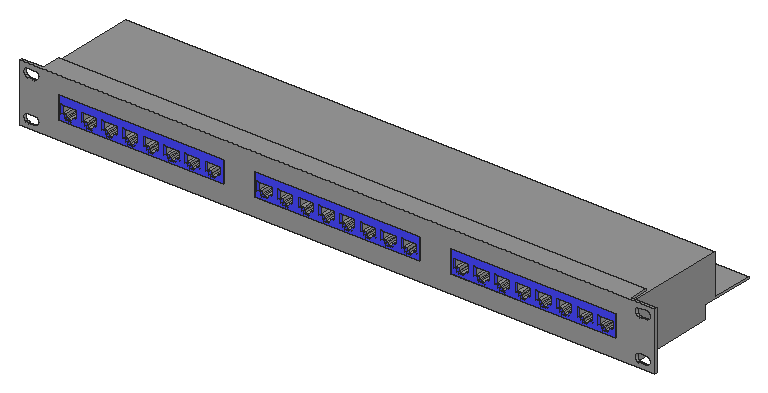
Revit family "ITK_Патч-панель 19-дюймовое крепление_1U_категория 5E FTP GENERICA_24 порта", category Обобщенные модели, Revit 2019
Family settings
  Может служить основой для арматурных стержней = Нет
  Размер круглого соединителя = Использовать диаметр
  Тип детали = Нормальный
  На основе рабочей плоскости = Нет
  Всегда вертикально = Да
  При загрузке вырезать с полостями = Нет
  Общий = Нет
  Точка расчета площади = Нет
Parameters (values of type "PP24-1UC5EF-K05-G")
  Ширина = 482.6 mm
  Материал = Окраска - RAL 9005
  Изготовитель = "ITK"  # constant formula
  Дата изменения = ""
  Глубина = 111 mm
  Высота = 44 mm
  URL = "https://www.iek.ru/"
  KSI_CPr_Строительные изделия = "27.12.31.61.1.04.09-1090"  # constant formula
  KSI_CMa_Строительные материалы = "10.03.02.06"  # constant formula
  IEK_Цена за единицу = 3752.62
  IEK_Поиск в таблице имен = ""
  IEK_Описание = "Патч-панели для монтажа в 19\" шкаф или стойку соответствуют стандарту 19\" (482,6 мм), имеют отверстия с левой и правой стороны для крепления на профиль, производятся высотой 1 или 2 юнита.\r\nНа передней стороне все патч-панели ITK имеют специальную площадку для дополнительной маркировки и цифровую нумерацию портов, на обратной стороне модули IDC имеют цветовую и цифровую нумерацию. Патч-панели соответствуют международным стандартам. Поставляются в картонной коробке с крепежом."
  IEK_URL = "https://generica.su/catalog/?page=detail&article=PP24-1UC5EF-K05-G"
  ADSK_Примечание = ""
  ADSK_Позиция [instance] = ""
  ADSK_Наименование = "Патч-панель 1U кат. 5Е FTP 24 порта (Krone) GENERICA"
  ADSK_Материал обозначение = ""
  ADSK_Материал наименование = "Металл и АБС-пластик"  # constant formula
  ADSK_Масса = 0
  ADSK_Марка = ""  # constant formula
  ADSK_Код изделия = "PP24-1UC5EF-K05-G"
  ADSK_Завод-изготовитель = "IEK"  # constant formula
  ADSK_Единица измерения = "шт"  # constant formula
  ADSK_Группирование = "I. ЩИТЫ И ПУЛЬТЫ"  # constant formula
  ADSK_Версия семейства = "1.0"  # constant formula
  ADSK_Версия Revit = "2019"  # constant formula
  ADSK_URL страницы изделия = "https://generica.su/catalog/?page=section&id=4935"
Reference planes
  plane 1 "По центру (Вперед/Назад)": y = 0
  plane 2: z = 0
  plane 3 "По центру (Влево/Вправо)": x = 0
  plane 4: x = -241
  plane 5: x = 241.6
  plane 6: y = 111
  plane 7: z = 44
Forms (mm)
  Extrusion 1, solid, material "Окраска - RAL 9005" <- "Материал", detail levels fine
    sketch origin (0, 0, 0) x (1, 0, 0) y (0, 1, 0)
      loop
        line (222.6, 1.5) -> (222.6, 27.5) -> (-224.3, 27.5) -> (-224.3, 1.5) -> (-241, 1.5) -> (-241, 0) -> (241.6, 0) -> (241.6, 1.5) -> (222.6, 1.5)
    from 44.351 to 0
  Extrusion 2, void
    sketch origin (0, 0, 0) x (1, 0, 0) y (0, 0, 1)
      loop
        line (-212, 30.25) -> (-212, 13.75) -> (-86.6, 13.75) -> (-86.6, 30.25) -> (-212, 30.25)
      loop
        arc (-229.85, 34.15) -> (-227.481, 35.131) -> (-226.5, 37.5) r 3.35
        arc (-226.5, 37.5) -> (-227.481, 39.869) -> (-229.85, 40.85) r 3.35
        line (-229.85, 40.85) -> (-234.65, 40.85)
        arc (-234.65, 40.85) -> (-238, 37.5) -> (-234.65, 34.15) r 3.35
        line (-234.65, 34.15) -> (-229.85, 34.15)
      loop
        arc (-234.65, 9.85) -> (-238, 6.5) -> (-234.65, 3.15) r 3.35
        line (-234.65, 3.15) -> (-229.85, 3.15)
        arc (-229.85, 3.15) -> (-227.481, 4.131) -> (-226.5, 6.5) r 3.35
        arc (-226.5, 6.5) -> (-227.481, 8.869) -> (-229.85, 9.85) r 3.35
        line (-229.85, 9.85) -> (-234.65, 9.85)
      loop
        arc (235.25, 34.15) -> (237.619, 35.131) -> (238.6, 37.5) r 3.35
        arc (238.6, 37.5) -> (237.619, 39.869) -> (235.25, 40.85) r 3.35
        line (235.25, 40.85) -> (230.45, 40.85)
        arc (230.45, 40.85) -> (227.1, 37.5) -> (230.45, 34.15) r 3.35
        line (230.45, 34.15) -> (235.25, 34.15)
      loop
        arc (230.45, 9.85) -> (227.1, 6.5) -> (230.45, 3.15) r 3.35
        line (230.45, 3.15) -> (235.25, 3.15)
        arc (235.25, 3.15) -> (237.619, 4.131) -> (238.6, 6.5) r 3.35
        arc (238.6, 6.5) -> (237.619, 8.869) -> (235.25, 9.85) r 3.35
        line (235.25, 9.85) -> (230.45, 9.85)
      loop
        line (-62.7, 30.25) -> (-62.7, 13.75) -> (62.7, 13.75) -> (62.7, 30.25) -> (-62.7, 30.25)
      loop
        line (86.6, 30.25) -> (86.6, 13.75) -> (212, 13.75) -> (212, 30.25) -> (86.6, 30.25)
    from -3.684 to 0
  Extrusion 3, void
    sketch origin (0, 0, 0) x (1, 0, 0) y (0, 0, 1)
      loop
        line (-198.4, 18.25) -> (-198.4, 25.05) -> (-210.1, 25.05) -> (-210.1, 18.25) -> (-207.5, 18.25) -> (-207.5, 16.55) -> (-206.25, 16.55) -> (-206.25, 15.25) -> (-202.25, 15.25) -> (-202.25, 16.55) -> (-201, 16.55) -> (-201, 18.25) -> (-198.4, 18.25)
      loop
        line (-182.7, 25.05) -> (-194.4, 25.05) -> (-194.4, 18.25) -> (-191.8, 18.25) -> (-191.8, 16.55) -> (-190.55, 16.55) -> (-190.55, 15.25) -> (-186.55, 15.25) -> (-186.55, 16.55) -> (-185.3, 16.55) -> (-185.3, 18.25) -> (-182.7, 18.25) -> (-182.7, 25.05)
      loop
        line (-167, 25.05) -> (-178.7, 25.05) -> (-178.7, 18.25) -> (-176.1, 18.25) -> (-176.1, 16.55) -> (-174.85, 16.55) -> (-174.85, 15.25) -> (-170.85, 15.25) -> (-170.85, 16.55) -> (-169.6, 16.55) -> (-169.6, 18.25) -> (-167, 18.25) -> (-167, 25.05)
      loop
        line (-151.3, 25.05) -> (-163, 25.05) -> (-163, 18.25) -> (-160.4, 18.25) -> (-160.4, 16.55) -> (-159.15, 16.55) -> (-159.15, 15.25) -> (-155.15, 15.25) -> (-155.15, 16.55) -> (-153.9, 16.55) -> (-153.9, 18.25) -> (-151.3, 18.25) -> (-151.3, 25.05)
      loop
        line (-135.6, 25.05) -> (-147.3, 25.05) -> (-147.3, 18.25) -> (-144.7, 18.25) -> (-144.7, 16.55) -> (-143.45, 16.55) -> (-143.45, 15.25) -> (-139.45, 15.25) -> (-139.45, 16.55) -> (-138.2, 16.55) -> (-138.2, 18.25) -> (-135.6, 18.25) -> (-135.6, 25.05)
      loop
        line (-131.6, 25.05) -> (-131.6, 18.25) -> (-129, 18.25) -> (-129, 16.55) -> (-127.75, 16.55) -> (-127.75, 15.25) -> (-123.75, 15.25) -> (-123.75, 16.55) -> (-122.5, 16.55) -> (-122.5, 18.25) -> (-119.9, 18.25) -> (-119.9, 25.05) -> (-131.6, 25.05)
      loop
        line (-49.1, 25.05) -> (-60.8, 25.05) -> (-60.8, 18.25) -> (-58.2, 18.25) -> (-58.2, 16.55) -> (-56.95, 16.55) -> (-56.95, 15.25) -> (-52.95, 15.25) -> (-52.95, 16.55) -> (-51.7, 16.55) -> (-51.7, 18.25) -> (-49.1, 18.25) -> (-49.1, 25.05)
      loop
        line (-45.1, 25.05) -> (-45.1, 18.25) -> (-42.5, 18.25) -> (-42.5, 16.55) -> (-41.25, 16.55) -> (-41.25, 15.25) -> (-37.25, 15.25) -> (-37.25, 16.55) -> (-36, 16.55) -> (-36, 18.25) -> (-33.4, 18.25) -> (-33.4, 25.05) -> (-45.1, 25.05)
      loop
        line (-29.4, 25.05) -> (-29.4, 18.25) -> (-26.8, 18.25) -> (-26.8, 16.55) -> (-25.55, 16.55) -> (-25.55, 15.25) -> (-21.55, 15.25) -> (-21.55, 16.55) -> (-20.3, 16.55) -> (-20.3, 18.25) -> (-17.7, 18.25) -> (-17.7, 25.05) -> (-29.4, 25.05)
      loop
        line (-13.7, 25.05) -> (-13.7, 18.25) -> (-11.1, 18.25) -> (-11.1, 16.55) -> (-9.85, 16.55) -> (-9.85, 15.25) -> (-5.85, 15.25) -> (-5.85, 16.55) -> (-4.6, 16.55) -> (-4.6, 18.25) -> (-2, 18.25) -> (-2, 25.05) -> (-13.7, 25.05)
      loop
        line (17.7, 25.05) -> (17.7, 18.25) -> (20.3, 18.25) -> (20.3, 16.55) -> (21.55, 16.55) -> (21.55, 15.25) -> (25.55, 15.25) -> (25.55, 16.55) -> (26.8, 16.55) -> (26.8, 18.25) -> (29.4, 18.25) -> (29.4, 25.05) -> (17.7, 25.05)
      loop
        line (2, 25.05) -> (2, 18.25) -> (4.6, 18.25) -> (4.6, 16.55) -> (5.85, 16.55) -> (5.85, 15.25) -> (9.85, 15.25) -> (9.85, 16.55) -> (11.1, 16.55) -> (11.1, 18.25) -> (13.7, 18.25) -> (13.7, 25.05) -> (2, 25.05)
      loop
        line (119.9, 25.05) -> (119.9, 18.25) -> (122.5, 18.25) -> (122.5, 16.55) -> (123.75, 16.55) -> (123.75, 15.25) -> (127.75, 15.25) -> (127.75, 16.55) -> (129, 16.55) -> (129, 18.25) -> (131.6, 18.25) -> (131.6, 25.05) -> (119.9, 25.05)
      loop
        line (135.6, 25.05) -> (135.6, 18.25) -> (138.2, 18.25) -> (138.2, 16.55) -> (139.45, 16.55) -> (139.45, 15.25) -> (143.45, 15.25) -> (143.45, 16.55) -> (144.7, 16.55) -> (144.7, 18.25) -> (147.3, 18.25) -> (147.3, 25.05) -> (135.6, 25.05)
      loop
        line (151.3, 25.05) -> (151.3, 18.25) -> (153.9, 18.25) -> (153.9, 16.55) -> (155.15, 16.55) -> (155.15, 15.25) -> (159.15, 15.25) -> (159.15, 16.55) -> (160.4, 16.55) -> (160.4, 18.25) -> (163, 18.25) -> (163, 25.05) -> (151.3, 25.05)
      loop
        line (167, 25.05) -> (167, 18.25) -> (169.6, 18.25) -> (169.6, 16.55) -> (170.85, 16.55) -> (170.85, 15.25) -> (174.85, 15.25) -> (174.85, 16.55) -> (176.1, 16.55) -> (176.1, 18.25) -> (178.7, 18.25) -> (178.7, 25.05) -> (167, 25.05)
      loop
        line (182.7, 25.05) -> (182.7, 18.25) -> (185.3, 18.25) -> (185.3, 16.55) -> (186.55, 16.55) -> (186.55, 15.25) -> (190.55, 15.25) -> (190.55, 16.55) -> (191.8, 16.55) -> (191.8, 18.25) -> (194.4, 18.25) -> (194.4, 25.05) -> (182.7, 25.05)
      loop
        line (198.4, 25.05) -> (198.4, 18.25) -> (201, 18.25) -> (201, 16.55) -> (202.25, 16.55) -> (202.25, 15.25) -> (206.25, 15.25) -> (206.25, 16.55) -> (207.5, 16.55) -> (207.5, 18.25) -> (210.1, 18.25) -> (210.1, 25.05) -> (198.4, 25.05)
      loop
        line (49.1, 25.05) -> (49.1, 18.25) -> (51.7, 18.25) -> (51.7, 16.55) -> (52.95, 16.55) -> (52.95, 15.25) -> (56.95, 15.25) -> (56.95, 16.55) -> (58.2, 16.55) -> (58.2, 18.25) -> (60.8, 18.25) -> (60.8, 25.05) -> (49.1, 25.05)
      loop
        line (33.4, 25.05) -> (33.4, 18.25) -> (36, 18.25) -> (36, 16.55) -> (37.25, 16.55) -> (37.25, 15.25) -> (41.25, 15.25) -> (41.25, 16.55) -> (42.5, 16.55) -> (42.5, 18.25) -> (45.1, 18.25) -> (45.1, 25.05) -> (33.4, 25.05)
      loop
        line (-104.2, 25.05) -> (-115.9, 25.05) -> (-115.9, 18.25) -> (-113.3, 18.25) -> (-113.3, 16.55) -> (-112.05, 16.55) -> (-112.05, 15.25) -> (-108.05, 15.25) -> (-108.05, 16.55) -> (-106.8, 16.55) -> (-106.8, 18.25) -> (-104.2, 18.25) -> (-104.2, 25.05)
      loop
        line (-100.2, 25.05) -> (-100.2, 18.25) -> (-97.6, 18.25) -> (-97.6, 16.55) -> (-96.35, 16.55) -> (-96.35, 15.25) -> (-92.35, 15.25) -> (-92.35, 16.55) -> (-91.1, 16.55) -> (-91.1, 18.25) -> (-88.5, 18.25) -> (-88.5, 25.05) -> (-100.2, 25.05)
      loop
        line (88.5, 25.05) -> (88.5, 18.25) -> (91.1, 18.25) -> (91.1, 16.55) -> (92.35, 16.55) -> (92.35, 15.25) -> (96.35, 15.25) -> (96.35, 16.55) -> (97.6, 16.55) -> (97.6, 18.25) -> (100.2, 18.25) -> (100.2, 25.05) -> (88.5, 25.05)
      loop
        line (104.2, 25.05) -> (104.2, 18.25) -> (106.8, 18.25) -> (106.8, 16.55) -> (108.05, 16.55) -> (108.05, 15.25) -> (112.05, 15.25) -> (112.05, 16.55) -> (113.3, 16.55) -> (113.3, 18.25) -> (115.9, 18.25) -> (115.9, 25.05) -> (104.2, 25.05)
    from -20 to 0
  Extrusion 4, void
    sketch origin (0, 0, 0) x (0, 1, 0) y (0, 0, 1)
      loop
        line (15.5, 44.351) -> (15.5, 42.95) -> (1.5, 42.95) -> (1.5, 0) -> (27.5, 0) -> (27.5, 44.351) -> (15.5, 44.351)
    from 253.881 to -268.461
  Extrusion 5, solid, material "Окраска - RAL 9005" <- "Материал", detail levels fine
    sketch origin (0, 0, 0) x (0, 1, 0) y (0, 0, 1)
      loop
        line (1.5, 0) -> (69.5, 0) -> (69.5, 10) -> (110.5, 10) -> (110.5, 11.5) -> (79, 11.5) -> (79, 42.45) -> (1.5, 42.45) -> (1.5, 0)
    from 224.3 to -224.3
  Extrusion 6, solid, material "Пластик слоновая кость", detail levels fine
    sketch origin (0, 0, 0) x (1, 0, 0) y (0, 0, 1)
      loop
        line (-212, 13.75) -> (-86.6, 13.75) -> (-86.6, 30.25) -> (-212, 30.25) -> (-212, 13.75)
      loop
        line (-62.7, 13.75) -> (62.7, 13.75) -> (62.7, 30.25) -> (-62.7, 30.25) -> (-62.7, 13.75)
      loop
        line (86.6, 13.75) -> (212, 13.75) -> (212, 30.25) -> (86.6, 30.25) -> (86.6, 13.75)
    from -1.5 to 0
  Extrusion 7, solid, material "Условный материал-отделка", detail levels coarse+medium
    sketch origin (0, 0, 0) x (1, 0, 0) y (0, 1, 0)
      loop
        line (-241, 110.5) -> (-241, 0) -> (241.6, 0) -> (241.6, 110.5) -> (-241, 110.5)
    from 0 to 44 <- "Высота"
Cuts and joins
  Extrusion 2, Extrusion 3, Extrusion 4 cuts Extrusion 1
  Extrusion 3 cuts Extrusion 5
  Extrusion 3 cuts Extrusion 6
Dimensions and locks
  "Ширина": plane 4 to plane 5
  "Глубина": plane 1 "По центру (Вперед/Назад)" to plane 6
  "Высота": plane 7 to level
  aligned and locked: level to plane 2
  aligned and locked: Extrusion 5 to cut or joined group of Extrusion 1, Extrusion 2, Extrusion 3, Extrusion 4
  aligned and locked: cut or joined group of Extrusion 1, Extrusion 2, Extrusion 3, Extrusion 4 to Extrusion 6
Automatic sketch dimensions
  plane 1 "По центру (Вперед/Назад)" to Extrusion 1 sketch curve = 0 mm
  Extrusion 1 sketch curve to plane 4 = 0 mm
  Extrusion 1 sketch curve to plane 5 = 0 mm
  Extrusion 1 sketch curve to plane 1 "По центру (Вперед/Назад)" = 1.5 mm  (x2)
  Extrusion 1 sketch curve to plane 4 = 16.7 mm
  Extrusion 1 sketch curve to Extrusion 1 sketch curve = 19 mm
  Extrusion 1 sketch curve to Extrusion 1 sketch curve = 26 mm
  Extrusion 4 sketch curve to level = 0 mm
  Extrusion 4 sketch curve to plane 1 "По центру (Вперед/Назад)" = 1.5 mm
  Extrusion 4 sketch curve to Extrusion 4 sketch curve = 14 mm
  Extrusion 4 sketch curve to Extrusion 4 sketch curve = 12 mm
  level to Extrusion 4 sketch curve = 42.95 mm
  Extrusion 4 sketch curve to Extrusion 4 sketch curve = 1.401 mm
  Extrusion 5 sketch curve to level = 0 mm
  Extrusion 5 sketch curve to plane 1 "По центру (Вперед/Назад)" = 1.5 mm
  Extrusion 5 sketch curve to Extrusion 5 sketch curve = 68 mm
  Extrusion 5 sketch curve to Extrusion 5 sketch curve = 9.5 mm
  level to Extrusion 5 sketch curve = 10 mm
  Extrusion 5 sketch curve to Extrusion 5 sketch curve = 31.5 mm
  Extrusion 5 sketch curve to Extrusion 5 sketch curve = 1.5 mm
  level to Extrusion 5 sketch curve = 42.45 mm
  plane 1 "По центру (Вперед/Назад)" to Extrusion 7 sketch curve = 0 mm
  Extrusion 7 sketch curve to plane 4 = 0 mm
  Extrusion 7 sketch curve to plane 5 = 0 mm
  Extrusion 7 sketch curve to plane 1 "По центру (Вперед/Назад)" = 110.5 mm
  Extrusion 3 sketch curve to plane 4 = 30.9 mm
  Extrusion 3 sketch curve to Extrusion 3 sketch curve = 2.6 mm  (x47)
  Extrusion 3 sketch curve to Extrusion 3 sketch curve = 1.25 mm  (x48)
  Extrusion 3 sketch curve to Extrusion 3 sketch curve = 4 mm  (x44)
  Extrusion 3 sketch curve to Extrusion 3 sketch curve = 27.7 mm  (x2)
  Extrusion 3 sketch curve to plane 3 "По центру (Влево/Вправо)" = 2 mm
  plane 3 "По центру (Влево/Вправо)" to Extrusion 3 sketch curve = 2 mm
  level to Extrusion 3 sketch curve = 15.25 mm  (x18)
  Extrusion 3 sketch curve to Extrusion 3 sketch curve = 0 mm  (x15)
  Extrusion 3 sketch curve to Extrusion 3 sketch curve = 1.3 mm  (x48)
  Extrusion 3 sketch curve to Extrusion 3 sketch curve = 1.7 mm  (x48)
  Extrusion 3 sketch curve to Extrusion 3 sketch curve = 6.8 mm  (x15)
  plane 7 to Extrusion 6 sketch curve = 13.75 mm  (x3)
  Extrusion 6 sketch curve to plane 4 = 29 mm
  level to Extrusion 6 sketch curve = 13.75 mm  (x3)
  Extrusion 6 sketch curve to plane 3 "По центру (Влево/Вправо)" = 86.6 mm
  Extrusion 6 sketch curve to Extrusion 6 sketch curve = 23.9 mm  (x2)
  plane 3 "По центру (Влево/Вправо)" to Extrusion 6 sketch curve = 62.7 mm
  Extrusion 6 sketch curve to plane 5 = 29.6 mm
  Extrusion 2 sketch curve to Extrusion 2 sketch curve = 0 mm  (x8)
  Extrusion 2 sketch curve to plane 4 = 6.35 mm  (x2)
  Extrusion 2 sketch curve to Extrusion 2 sketch curve = 4.8 mm  (x4)
  Extrusion 2 sketch curve to Extrusion 2 sketch curve = 17.85 mm
  level to Extrusion 2 sketch curve = 13.75 mm  (x3)
  Extrusion 2 sketch curve to plane 3 "По центру (Влево/Вправо)" = 86.6 mm
  Extrusion 2 sketch curve to Extrusion 2 sketch curve = 23.9 mm  (x2)
  plane 7 to Extrusion 2 sketch curve = 13.75 mm  (x3)
  plane 3 "По центру (Влево/Вправо)" to Extrusion 2 sketch curve = 62.7 mm
  Extrusion 2 sketch curve to plane 5 = 29.6 mm
  plane 7 to Extrusion 2 sketch curve = 3.15 mm
  Extrusion 2 sketch curve to plane 5 = 11.15 mm  (x2)
  level to Extrusion 2 sketch curve = 9.85 mm  (x2)
  Extrusion 2 sketch curve to Extrusion 2 sketch curve = 3.35 mm  (x3)
  Extrusion 2 sketch curve to Extrusion 2 sketch curve = 6.7 mm
  plane 7 to Extrusion 2 sketch curve = 9.85 mm
